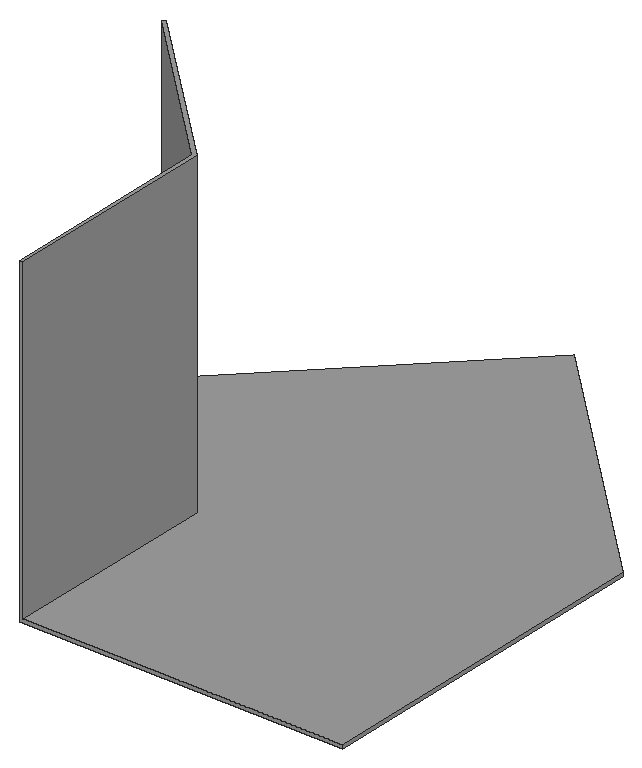
Revit family "Flashing_Preformed_Hyload_Outside135", category Generic Models, Revit 2013
Parameters (values of type "As Specified")
  Unit Width = 0' - 10"
  Unit Height = 0' - 6"
  Unit Depth = 0' - 6"
  URL = "http://www.hyload.com/"
  Thickness = 0' - 0 1/16"
  Specification = "http://www.arcat.com/sdspecs/htm04/07_65_00hyl.htm"
  Sales Information = "http://www.hyload.com/contact-us"
  Revision = "R1_12-2015"
  Product Properties = "http://www.hyload.com/masonry-flashing/preformed-shapes/"
  Product Data = "http://www.arcat.com/arcatcos/cos33/arc33176.html"
  Model = "Outside Corner (135)"
  Manufacturer Website = "http://www.hyload.com/"
  Manufacturer Phone - Toll Free = "800-457-4056"
  Manufacturer Phone = "330-769-3546"
  Manufacturer Fax = "330-769-4153"
  Manufacturer Address = "5020 Panther Pkwy., Seville, OH 44273"
  Manufacturer = "Hyload"
  Keynote = "07 65 00"
  Flashing Material = Hyload Flashing Membrane - Grey
  Drawn By = "Robert S. Weygant / Sumex Design"
  Description = "Preformed Hyload Masonry Flashing - Outside Corner (135)"
  Copyright = "(c) ARCAT, Inc, 2015"
  Construction Details = "http://www.arcat.com/details/hyload/hyload.html?coid=33176"
  Assembly Code = "B3010400"
Reference planes (in)
  plane 1 "Center (Front/Back)": y = 0
  plane 2: z = 0
  plane 3 "Center (Left/Right)": x = 0
  plane 4: z = 6
  plane 5: y = -4
  plane 6: through (1.41421, 7.07107, 48) normal (0.7071, -0.7071, 0)
Forms (in)
  Sweep 1, solid, material "Hyload Flashing Membrane - Grey" <- "Flashing Material"
    path origin (0, 0, 0) x (1, 0, 0) y (0, 1, 0)
      loop
        line (0, -4) -> (0, 0) -> (-2.82843, 2.82843)
    profile origin (0, -2, 0) x (-1, 0, 0) y (0, 0, 1)
      loop
        line (0, 0) -> (0, 6) -> (-0.0625, 6) -> (-0.0625, 0.0625) -> (-6, 0.0625) -> (-6, 0) -> (0, 0)
Dimensions and locks (in)
  "Thickness": Sweep 1 sketch curve to plane 3 "Center (Left/Right)"
  "Thickness": Sweep 1 sketch curve to level
  "Unit Height": plane 4 to level
  locked: Sweep 1 sketch curve to plane 6 at 4
  locked: plane 5 to plane 6 (angle 45.00°)
  aligned and locked: plane 2 to level
  aligned and locked: plane 3 "Center (Left/Right)" to Sweep 1 sketch curve
  aligned and locked: Sweep 1 sketch curve to level
  aligned and locked: plane 4 to Sweep 1 sketch curve
  aligned and locked: plane 5 to Sweep 1 sketch curve
  aligned and locked: plane 6 to Sweep 1 sketch curve
Automatic sketch dimensions
  Sweep 1 sketch curve to profile plane = 0' - 0"
  Sweep 1 sketch curve to Sweep 1 sketch curve = 0' - 5 15/16"
  Sweep 1 sketch curve to plane 1 "Center (Front/Back)" = 0' - 2.82843"
